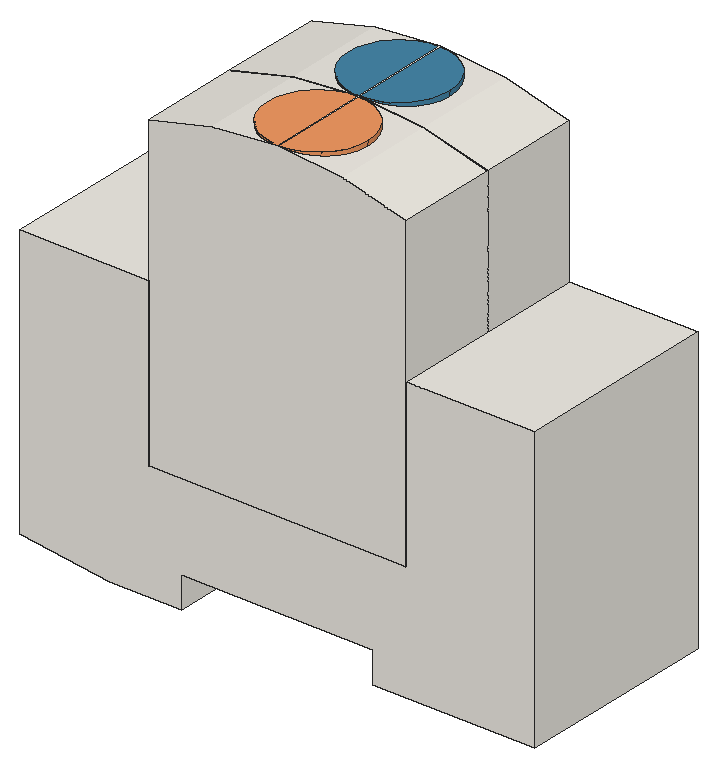
Revit family "Überspannungsableiter V20, 1-polig+NPE", category Generic Models, Revit 2015
Parameters (values of type "V20-1+NPE-385")
  Width = 90 mm
  URL = "http://www.obo-bettermann.com"
  Material 3 = PA 66/6 FR HF RAL 5017
  Material 2 = PA 66/6 FR HF RAL 2003
  Material = PA 66/6 FR HF RAL 9010
  Manufacturer Art.No. = "5095271"
  Manufacturer = "OBO Bettermann"
  Length = 35.6 mm
  Height = 78.5 mm
  GTIN = "4012196161706"
  Article Type = "V20-1+NPE-385"
Types (6, lengths in mm): name | Manufacturer Art.No. | GTIN | Article Type
  (no name) | "5095271" | "4012196161706" | "V20-1+NPE-385"
  V20-1+NPE-75 | "5095221" | "4012196160020" | "V20-1+NPE-75"
  V20-1+NPE-150 | "5095231" | "4012196160051" | "V20-1+NPE-150"
  V20-1+NPE-280 | "5095251" | "4012196161140" | "V20-1+NPE-280"
  V20-1+NPE-320 | "5095261" | "4012196161379" | "V20-1+NPE-320"
  V20-1+NPE-385 | "5095271" | "4012196161706" | "V20-1+NPE-385"
Reference planes
  plane 1 "Center (Front/Back)": y = 0
  plane 2: z = 0
  plane 3 "Center (Left/Right)": x = 0
  plane 4: y = 17.8
  plane 5: z = 78.5
  plane 6: z = 78.5
  plane 7: z = 77.5
  plane 8: y = 35.6
Forms (mm)
  Extrusion 1, solid, material "PA 66/6 FR HF RAL 9010" <- "Material"
    sketch origin (0, 0, 0) x (1, 0, 0) y (0, 0, 1)
      loop
        line (-29.35, 0) -> (-16.75, 0) -> (-16.75, 5.5) -> (16.75, 5.5) -> (16.75, 0) -> (45, 0) -> (45, 49.5) -> (22.5, 49.5) -> (22.5, 20.5) -> (-22.5, 20.5) -> (-22.5, 49.5) -> (-45, 49.5) -> (-45, 1.922) -> (-29.35, 0)
    from -35.6 to 0
  Extrusion 2, solid, material "PA 66/6 FR HF RAL 9010" <- "Material"
    sketch origin (0, 0, 0) x (1, 0, 0) y (0, 0, 1)
      loop
        line (-22.5, 20.5) -> (22.5, 20.5) -> (22.5, 74.639)
        arc (22.5, 74.639) -> (0, 78.5) -> (-22.5, 74.639) r 67.488
        line (-22.5, 74.639) -> (-22.5, 20.5)
    from -17.8 to 0
  Extrusion 3, solid, material "PA 66/6 FR HF RAL 2003" <- "Material 2"
    sketch origin (0, 0, 0) x (1, 0, 0) y (0, 1, 0)
      loop
        circle (0, 8.9) r 8.75
    from 77.5 to 78.5
  Extrusion 4, solid, material "PA 66/6 FR HF RAL 9010" <- "Material"
    sketch origin (0, 0, 0) x (1, 0, 0) y (0, 0, 1)
      loop
        line (-22.5, 74.639) -> (-22.5, 20.5) -> (22.5, 20.5) -> (22.5, 74.639)
        arc (22.5, 74.639) -> (0, 78.5) -> (-22.5, 74.639) r 67.488
    from -35.6 to -17.8
  Extrusion 5, solid, material "PA 66/6 FR HF RAL 5017" <- "Material 3"
    sketch origin (0, 0, 0) x (1, 0, 0) y (0, 1, 0)
      loop
        circle (0, 26.7) r 8.8
    from 77.5 to 78.5
Dimensions and locks
  locked: Extrusion 1 sketch curve to Extrusion 1 sketch curve at 33.5
  locked: plane 3 "Center (Left/Right)" to Extrusion 1 sketch curve at 16.75
  locked: Extrusion 1 sketch curve to level at 5.5
  "Width": Extrusion 1 sketch curve to Extrusion 1 sketch curve
  equal spacing: Extrusion 1 sketch curve, plane 3 "Center (Left/Right)", Extrusion 1 sketch curve, locked at 45 each
  locked: Extrusion 1 sketch curve to Extrusion 1 sketch curve at 44
  locked: Extrusion 1 sketch curve to Extrusion 1 sketch curve at 45
  equal spacing: Extrusion 1 sketch curve, plane 3 "Center (Left/Right)", Extrusion 1 sketch curve, locked at 22.5 each
  locked: Extrusion 1 sketch curve to Extrusion 1 sketch curve at 29
  locked: Extrusion 1 sketch curve to Extrusion 1 sketch curve at 15.65
  locked: Extrusion 1 sketch curve to level at 1.922
  "Height": plane 5 to level
  locked: Extrusion 2 sketch curve to Extrusion 1 at 54.139
  locked: Extrusion 2 to Extrusion 3 sketch curve at 8.9
  "Height": plane 6 to level
  locked: plane 6 to plane 7 at 1
  "Length": plane 8 to plane 1 "Center (Front/Back)"
  locked: plane 4 to plane 1 "Center (Front/Back)" at 17.8
  locked: Extrusion 4 to Extrusion 5 sketch curve at 8.9
  radius of Extrusion 2 sketch curve = 67.488 mm
  radius of Extrusion 3 sketch curve = 8.75 mm
  radius of Extrusion 5 sketch curve = 8.8 mm
  aligned and locked: level to plane 2
  aligned and locked: Extrusion 1 sketch curve to level  (x2)
  aligned and locked: Extrusion 1 sketch curve to Extrusion 1 sketch curve
  aligned and locked: plane 1 "Center (Front/Back)" to Extrusion 1
  aligned and locked: Extrusion 2 sketch curve to Extrusion 1  (x3)
  aligned and locked: Extrusion 2 sketch curve to Extrusion 2 sketch curve
  aligned and locked: plane 1 "Center (Front/Back)" to Extrusion 2
  aligned and locked: plane 6 to Extrusion 3
  aligned and locked: Extrusion 3 to plane 7
  aligned and locked: plane 8 to Extrusion 1
  aligned and locked: Extrusion 4 sketch curve to Extrusion 2  (x4)
  aligned and locked: Extrusion 1 to Extrusion 4
  aligned and locked: Extrusion 4 to plane 4
  aligned and locked: Extrusion 5 to Extrusion 3  (x2)
Automatic sketch dimensions
  Extrusion 3 sketch curve to plane 3 "Center (Left/Right)" = 0 mm
  Extrusion 5 sketch curve to plane 3 "Center (Left/Right)" = 0 mm
